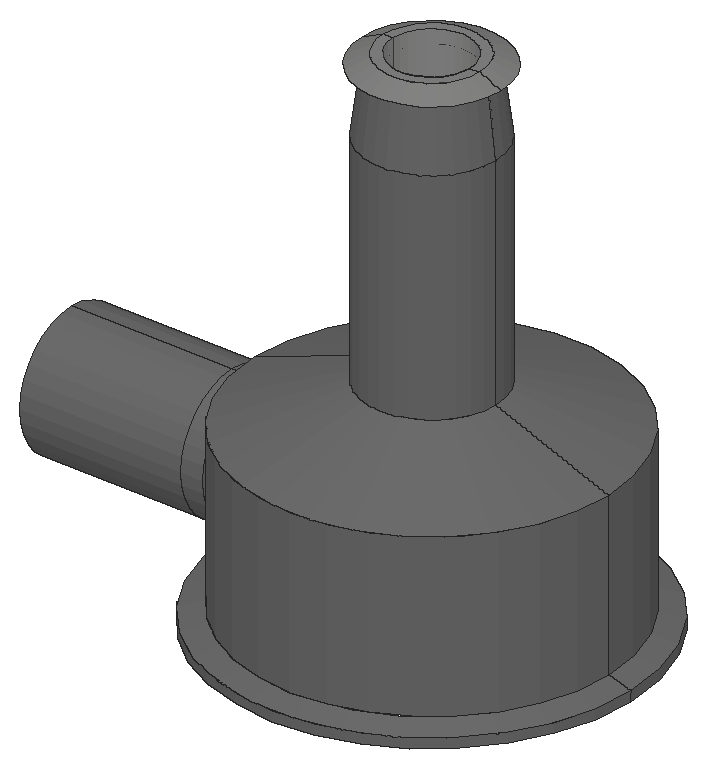
Revit family "Platek_Pico", category Apparecchi per illuminazione, host Superficie, Revit 2017 (continued)
Types (3, lengths in mm): name | Wattage | PLATEK Article Code | built-in parameter 1150142 | Luminaire Luminous Intensity | Luminaire Luminous Flux | built-in parameter 1150105 | built-in parameter 1150106 | Lumens | File diagramma fotometrico | Codice assieme | Beam Angle
    0.00 0.01 0.03 \r\n0.00 \r\n662.15 634.60 603.25 563.35 519.65 476.90 432.25 387.60 \r\n339.15 296.40 256.50 222.30 189.05 158.65 132.05 112.10 \r\n94.34 79.80 66.12 55.10 45.98 38.38 32.49 27.64 24.04 \r\n20.52 17.48 14.82 12.92 11.02 9.12 6.89 4.89 3.14 2.02 \r\n1.37 1.05 0.89 0.77 0.84 0.97 1.06 1.04 1.05 1.15 1.30 \r\n1.33 1.34 1.30 1.32 1.31 1.26 1.23 1.14 1.15 1.09 1.09 \r\n1.04 1.00 0.88 0.73 0.61 0.52 0.49 0.46 0.42 0.37 0.30 \r\n0.26 0.23 0.24 0.21 0.18 0.14 0.12 0.11 0.09 0.10 0.08 \r\n0.08 0.06 0.05 0.02 0.01 0.01 0.00 0.00 0.00 0.00 0.00 \r\n0.00 \r\n662.15 629.85 598.50 560.50 516.80 470.25 426.55 383.80 \r\n338.20 295.45 255.55 221.35 189.05 158.65 133.00 112.10 \r\n94.81 79.99 66.59 55.86 46.84 39.14 33.06 28.12 24.41 \r\n20.62 17.48 14.54 12.45 10.45 8.88 6.86 4.94 3.09 1.95 \r\n1.34 1.09 0.94 0.79 0.83 0.89 1.02 1.01 1.08 1.15 1.26 \r\n1.26 1.26 1.24 1.26 1.24 1.21 1.18 1.14 1.11 1.04 1.02 \r\n0.96 0.90 0.80 0.70 0.60 0.54 0.49 0.46 0.40 0.33 0.25 \r\n0.21 0.20 0.20 0.18 0.16 0.14 0.12 0.10 0.07 0.06 0.05 \r\n0.05 0.04 0.04 0.02 0.01 0.00 0.00 0.00 0.00 0.00 0.00 \r\n0.00 \r\n662.15 627.95 597.55 561.45 518.70 469.30 423.70 381.90 \r\n337.25 295.45 254.60 219.45 187.15 158.65 133.95 114.00 \r\n95.95 80.94 67.55 56.81 47.50 39.90 33.54 28.79 24.89 \r\n21.18 17.77 14.54 12.35 10.36 8.89 6.95 5.04 3.12 1.97 \r\n1.37 1.17 0.99 0.82 0.80 0.81 0.90 0.93 1.07 1.16 1.26 \r\n1.24 1.27 1.29 1.34 1.31 1.25 1.21 1.14 1.06 0.97 0.92 \r\n0.89 0.82 0.73 0.64 0.57 0.51 0.46 0.44 0.39 0.32 0.23 \r\n0.18 0.17 0.16 0.14 0.13 0.13 0.13 0.10 0.07 0.05 0.04 \r\n0.04 0.04 0.03 0.02 0.01 0.01 0.00 0.00 0.00 0.00 0.00 \r\n0.00 \r\n662.15 624.15 596.60 566.20 527.25 475.95 426.55 381.90 \r\n338.20 295.45 253.65 216.60 186.20 158.65 135.85 114.00 \r\n95.95 81.13 68.11 57.09 47.59 40.09 34.01 29.36 25.37 \r\n21.66 18.24 15.01 12.54 10.45 8.91 7.09 5.13 3.24 2.05 \r\n1.46 1.24 1.04 0.87 0.83 0.82 0.90 0.94 1.04 1.11 1.18 \r\n1.18 1.21 1.24 1.26 1.24 1.21 1.19 1.14 1.06 0.96 0.88 \r\n0.85 0.74 0.66 0.57 0.53 0.47 0.42 0.40 0.37 0.33 0.26 \r\n0.20 0.18 0.15 0.13 0.11 0.13 0.13 0.11 0.08 0.04 0.03 \r\n0.03 0.03 0.02 0.02 0.02 0.02 0.01 0.00 0.00 0.00 0.00 \r\n0.00 \r\n662.15 623.20 593.75 565.25 529.15 480.70 431.30 382.85 \r\n338.20 293.55 251.75 215.65 185.25 158.65 136.80 114.95 \r\n96.90 81.22 68.50 57.29 47.59 39.90 33.73 29.26 25.27 \r\n21.75 18.34 15.39 12.82 10.73 8.92 7.18 5.21 3.45 2.24 \r\n1.63 1.32 1.06 0.85 0.79 0.80 0.86 0.88 0.95 1.02 1.09 \r\n1.12 1.13 1.17 1.22 1.24 1.21 1.17 1.11 1.04 0.94 0.84 \r\n0.78 0.67 0.61 0.53 0.48 0.42 0.37 0.36 0.35 0.34 0.30 \r\n0.24 0.20 0.14 0.12 0.10 0.11 0.11 0.09 0.07 0.04 0.03 \r\n0.02 0.02 0.02 0.03 0.03 0.03 0.01 0.00 0.00 0.00 0.00 \r\n0.00 \r\n662.15 618.45 585.20 557.65 524.40 479.75 432.25 382.85 \r\n335.35 288.80 248.90 213.75 186.20 159.60 137.75 115.90 \r\n97.85 81.51 68.88 57.66 47.79 39.52 33.06 28.50 24.61 \r\n21.47 18.34 15.77 13.11 10.93 8.88 7.17 5.22 3.57 2.37 \r\n1.73 1.30 0.99 0.76 0.72 0.76 0.83 0.84 0.88 0.94 1.03 \r\n1.06 1.04 1.04 1.05 1.13 1.14 1.12 1.05 0.98 0.90 0.78 \r\n0.70 0.61 0.59 0.54 0.49 0.41 0.35 0.33 0.33 0.33 0.32 \r\n0.26 0.20 0.13 0.11 0.09 0.09 0.08 0.06 0.04 0.03 0.02 \r\n0.02 0.01 0.01 0.02 0.02 0.02 0.01 0.00 0.00 0.00 0.00 \r\n0.00 \r\n662.15 620.35 584.25 551.95 515.85 474.05 428.45 378.10 \r\n330.60 283.10 245.10 211.85 184.30 159.60 137.75 116.85 \r\n98.80 81.98 68.88 57.66 47.59 38.57 31.64 26.98 23.37 \r\n20.71 17.96 15.68 13.11 10.93 8.75 6.96 5.15 3.63 2.48 \r\n1.76 1.24 0.88 0.64 0.62 0.66 0.74 0.76 0.81 0.88 0.98 \r\n1.02 1.00 1.01 1.04 1.14 1.14 1.09 1.01 0.92 0.83 0.69 \r\n0.59 0.57 0.60 0.59 0.52 0.43 0.35 0.32 0.31 0.31 0.29 \r\n0.22 0.15 0.10 0.08 0.08 0.08 0.07 0.04 0.03 0.02 0.01 \r\n0.01 0.01 0.00 0.01 0.01 0.01 0.00 0.00 0.00 0.00 0.00 \r\n0.00 \r\n662.15 622.25 585.20 550.05 513.00 471.20 426.55 376.20 \r\n326.80 280.25 243.20 210.90 183.35 158.65 136.80 116.85 \r\n97.85 81.70 68.50 57.19 47.12 38.09 31.07 26.03 22.71 \r\n20.14 17.77 15.39 13.11 10.93 8.72 6.74 5.02 3.53 2.46 \r\n1.70 1.20 0.85 0.63 0.60 0.64 0.70 0.74 0.81 0.88 0.97 \r\n1.01 1.03 1.03 1.04 1.08 1.07 1.02 0.96 0.89 0.81 0.66 \r\n0.56 0.55 0.60 0.61 0.53 0.44 0.35 0.31 0.30 0.28 0.26 \r\n0.19 0.12 0.08 0.07 0.08 0.08 0.06 0.04 0.02 0.01 0.00 \r\n0.00 0.00 0.00 0.00 0.00 0.00 0.00 0.00 0.00 0.00 0.00 \r\n0.00 \r\n662.15 627.95 591.85 552.90 512.05 469.30 423.70 372.40 \r\n324.90 279.30 242.25 209.00 180.50 156.75 134.90 114.95 \r\n96.90 80.66 67.73 56.52 46.74 37.91 30.88 25.65 22.14 \r\n19.57 17.29 15.01 12.82 10.64 8.55 6.50 4.87 3.52 2.52 \r\n1.76 1.25 0.92 0.70 0.64 0.66 0.69 0.73 0.80 0.86 0.93 \r\n0.96 1.03 1.08 1.15 1.14 1.08 0.99 0.95 0.94 0.88 0.73 \r\n0.58 0.52 0.55 0.55 0.51 0.43 0.35 0.29 0.27 0.24 0.21 \r\n0.15 0.10 0.07 0.06 0.07 0.07 0.06 0.04 0.02 0.01 0.00 \r\n0.00 0.00 0.00 0.00 0.00 0.00 0.00 0.00 0.00 0.00 0.00 \r\n0.00 \r\n662.15 631.75 594.70 552.90 512.05 468.35 421.80 369.55 \r\n323.00 279.30 242.25 208.05 179.55 154.85 133.00 114.00 \r\n95.95 80.66 68.31 57.19 47.22 38.48 31.45 26.03 22.42 \r\n19.76 17.57 15.20 12.92 10.64 8.51 6.40 4.74 3.44 2.53 \r\n1.82 1.34 1.02 0.80 0.72 0.71 0.73 0.79 0.86 0.94 1.00 \r\n1.04 1.14 1.21 1.27 1.24 1.12 0.98 0.93 0.97 0.94 0.80 \r\n0.63 0.53 0.52 0.50 0.47 0.38 0.32 0.25 0.23 0.20 0.18 \r\n0.14 0.10 0.07 0.06 0.05 0.05 0.04 0.04 0.02 0.01 0.00 \r\n0.00 0.00 0.00 0.00 0.00 0.00 0.00 0.00 0.00 0.00 0.00 \r\n0.00 \r\n662.15 632.70 597.55 554.80 512.05 465.50 417.05 366.70 \r\n320.15 278.35 242.25 209.00 179.55 155.80 133.95 113.05 \r\n95.95 80.94 69.06 58.14 47.88 38.95 31.73 26.22 22.52 \r\n19.95 17.86 15.48 13.02 10.54 8.26 6.21 4.54 3.37 2.56 \r\n1.92 1.39 1.04 0.80 0.72 0.71 0.76 0.85 0.90 0.99 1.03 \r\n1.11 1.22 1.32 1.41 1.36 1.22 1.03 0.95 0.96 0.94 0.81 \r\n0.66 0.56 0.53 0.51 0.46 0.38 0.33 0.27 0.24 0.20 0.16 \r\n0.13 0.11 0.08 0.07 0.04 0.04 0.03 0.04 0.02 0.01 0.01 \r\n0.01 0.01 0.00 0.00 0.00 0.00 0.00 0.00 0.00 0.00 0.00 \r\n0.00 \r\n662.15 629.85 597.55 557.65 515.85 464.55 415.15 366.70 \r\n321.10 280.25 244.15 211.85 182.40 156.75 133.95 113.05 \r\n95.95 81.32 69.35 58.33 47.88 38.95 31.92 26.79 23.27 \r\n20.62 18.43 16.05 13.39 10.73 8.23 6.17 4.45 3.30 2.47 \r\n1.86 1.34 1.02 0.81 0.75 0.74 0.77 0.90 0.95 1.06 1.09 \r\n1.24 1.37 1.45 1.49 1.38 1.24 1.04 0.95 0.89 0.85 0.76 \r\n0.67 0.63 0.62 0.55 0.47 0.38 0.35 0.31 0.28 0.22 0.17 \r\n0.15 0.14 0.12 0.10 0.07 0.06 0.05 0.04 0.03 0.02 0.01 \r\n0.01 0.01 0.01 0.01 0.01 0.01 0.01 0.00 0.00 0.00 0.00 \r\n0.00 \r\n662.15 622.25 592.80 559.55 520.60 468.35 416.10 368.60 \r\n323.00 284.05 246.05 214.70 185.25 158.65 134.90 113.05 \r\n95.00 80.75 68.59 57.38 47.02 38.29 31.73 26.98 23.37 \r\n20.62 18.34 16.25 13.59 10.83 8.13 6.10 4.44 3.29 2.38 \r\n1.77 1.26 0.99 0.83 0.78 0.76 0.77 0.91 0.95 1.07 1.08 \r\n1.24 1.38 1.46 1.48 1.33 1.24 1.06 0.97 0.86 0.79 0.73 \r\n0.70 0.68 0.68 0.63 0.56 0.47 0.44 0.41 0.35 0.28 0.22 \r\n0.20 0.19 0.17 0.14 0.10 0.08 0.07 0.06 0.04 0.03 0.02 \r\n0.01 0.01 0.01 0.02 0.02 0.02 0.01 0.01 0.00 0.00 0.00 \r\n0.00 \r\n662.15 624.15 595.65 563.35 523.45 470.25 418.00 371.45 \r\n326.80 286.90 248.90 216.60 187.15 160.55 134.90 113.05 \r\n95.00 80.18 67.83 56.34 46.08 37.62 31.35 26.89 23.27 \r\n20.52 18.24 16.34 13.87 11.21 8.42 6.41 4.68 3.41 2.35 \r\n1.71 1.26 1.04 0.92 0.82 0.77 0.72 0.84 0.92 1.08 1.12 \r\n1.23 1.36 1.43 1.43 1.28 1.21 1.09 1.00 0.88 0.80 0.76 \r\n0.74 0.70 0.68 0.65 0.61 0.55 0.51 0.46 0.40 0.32 0.28 \r\n0.25 0.25 0.21 0.18 0.13 0.11 0.09 0.08 0.06 0.04 0.02 \r\n0.01 0.02 0.02 0.03 0.03 0.03 0.02 0.01 0.01 0.00 0.00 \r\n0.00 \r\n662.15 623.20 595.65 565.25 527.25 475.95 421.80 373.35 \r\n326.80 286.90 248.90 216.60 187.15 160.55 135.85 114.95 \r\n96.90 81.89 68.78 56.62 46.08 37.52 31.07 26.50 22.71 \r\n19.95 17.77 16.05 13.68 11.12 8.45 6.50 4.75 3.41 2.30 \r\n1.69 1.29 1.06 0.90 0.78 0.75 0.73 0.85 0.98 1.14 1.20 \r\n1.24 1.29 1.33 1.33 1.25 1.22 1.17 1.06 0.95 0.86 0.82 \r\n0.78 0.72 0.68 0.68 0.69 0.66 0.60 0.52 0.45 0.37 0.32 \r\n0.27 0.26 0.23 0.20 0.15 0.12 0.10 0.09 0.07 0.05 0.04 \r\n0.03 0.04 0.04 0.04 0.03 0.03 0.03 0.03 0.02 0.01 0.00 \r\n0.00 \r\n662.15 625.10 597.55 568.10 529.15 476.90 422.75 373.35 \r\n327.75 286.90 248.90 217.55 188.10 161.50 136.80 115.90 \r\n98.80 84.17 70.49 57.86 46.55 37.72 31.07 26.41 22.61 \r\n19.95 17.77 15.96 13.68 11.21 8.72 6.81 4.95 3.51 2.35 \r\n1.75 1.37 1.10 0.90 0.76 0.73 0.76 0.87 1.05 1.21 1.29 \r\n1.28 1.30 1.30 1.30 1.25 1.22 1.19 1.12 1.05 0.97 0.90 \r\n0.81 0.71 0.65 0.67 0.69 0.68 0.62 0.54 0.46 0.37 0.31 \r\n0.26 0.24 0.22 0.20 0.16 0.14 0.13 0.11 0.09 0.06 0.06 \r\n0.05 0.06 0.05 0.05 0.03 0.03 0.03 0.04 0.02 0.01 0.00 \r\n0.00 \r\n662.15 625.10 598.50 572.85 533.90 480.70 423.70 373.35 \r\n327.75 287.85 250.80 219.45 189.05 162.45 136.80 117.80 \r\n101.65 86.73 72.48 59.19 47.31 38.09 31.45 26.60 22.80 \r\n20.05 17.96 16.15 13.87 11.40 8.96 6.94 5.07 3.58 2.45 \r\n1.80 1.41 1.15 0.95 0.82 0.77 0.82 0.92 1.14 1.26 1.37 \r\n1.34 1.35 1.32 1.28 1.23 1.18 1.18 1.16 1.14 1.07 0.97 \r\n0.82 0.70 0.65 0.68 0.71 0.71 0.63 0.55 0.46 0.35 0.27 \r\n0.21 0.21 0.21 0.20 0.18 0.16 0.14 0.12 0.11 0.08 0.07 \r\n0.07 0.07 0.06 0.04 0.02 0.03 0.03 0.05 0.03 0.02 0.00 \r\n0.00 \r\n662.15 629.85 603.25 576.65 532.95 478.80 422.75 374.30 \r\n328.70 287.85 250.80 220.40 190.00 162.45 137.75 117.80 \r\n101.65 86.83 72.77 59.47 47.69 38.19 31.35 26.41 22.71 \r\n20.05 18.24 16.53 14.35 11.97 9.48 7.31 5.36 3.78 2.64 \r\n1.88 1.46 1.24 1.11 1.01 0.91 0.90 0.92 1.09 1.18 1.29 \r\n1.29 1.34 1.36 1.33 1.24 1.15 1.14 1.17 1.18 1.12 0.98 \r\n0.81 0.68 0.62 0.66 0.68 0.68 0.58 0.49 0.40 0.31 0.24 \r\n0.19 0.20 0.21 0.21 0.20 0.17 0.14 0.12 0.11 0.08 0.06 \r\n0.05 0.06 0.05 0.04 0.02 0.02 0.02 0.04 0.03 0.02 0.01 \r\n0.00 \r\n662.15 637.45 610.85 580.45 532.95 479.75 424.65 379.05 \r\n333.45 290.70 253.65 221.35 190.95 161.50 137.75 117.80 \r\n101.65 86.26 72.01 58.71 47.50 38.38 31.45 26.22 22.32 \r\n19.66 18.05 16.43 14.35 11.88 9.44 7.19 5.32 3.72 2.64 \r\n1.87 1.46 1.28 1.22 1.14 1.02 0.94 0.92 1.02 1.10 1.22 \r\n1.25 1.33 1.37 1.31 1.22 1.13 1.15 1.17 1.16 1.08 0.96 \r\n0.81 0.71 0.65 0.67 0.68 0.66 0.55 0.46 0.39 0.33 0.28 \r\n0.24 0.24 0.24 0.23 0.21 0.16 0.13 0.10 0.09 0.06 0.05 \r\n0.04 0.05 0.05 0.05 0.04 0.03 0.03 0.03 0.03 0.02 0.01 \r\n0.00 \r\n662.15 639.35 612.75 579.50 532.00 481.65 430.35 384.75 \r\n339.15 295.45 255.55 221.35 190.95 162.45 138.70 117.80 \r\n100.70 84.55 70.20 57.09 46.55 38.09 31.25 26.13 22.04 \r\n19.29 17.57 15.87 13.96 11.40 9.10 6.88 5.07 3.52 2.51 \r\n1.81 1.43 1.23 1.18 1.16 1.11 1.04 0.99 0.98 1.01 1.07 \r\n1.16 1.26 1.33 1.30 1.21 1.14 1.15 1.17 1.13 1.06 0.97 \r\n0.88 0.77 0.69 0.66 0.64 0.61 0.52 0.45 0.40 0.37 0.35 \r\n0.33 0.31 0.29 0.27 0.22 0.16 0.12 0.09 0.09 0.06 0.04 \r\n0.03 0.04 0.04 0.05 0.05 0.04 0.03 0.03 0.03 0.02 0.01 \r\n0.00 \r\n662.15 641.25 613.70 576.65 532.95 485.45 437.95 391.40 \r\n344.85 301.15 260.30 224.20 191.90 163.40 139.65 118.75 \r\n100.70 83.60 68.78 55.58 45.31 37.52 31.16 26.22 22.04 \r\n19.00 17.10 15.11 13.21 10.64 8.42 6.27 4.68 3.22 2.30 \r\n1.69 1.35 1.12 1.02 1.01 1.05 1.04 1.05 1.00 0.99 1.01 \r\n1.09 1.21 1.29 1.29 1.24 1.22 1.22 1.19 1.13 1.08 1.04 \r\n1.00 0.90 0.80 0.71 0.64 0.60 0.53 0.50 0.45 0.44 0.42 \r\n0.40 0.37 0.33 0.28 0.23 0.17 0.13 0.11 0.09 0.06 0.04 \r\n0.03 0.03 0.04 0.04 0.04 0.04 0.04 0.04 0.04 0.02 0.01 \r\n0.00 \r\n662.15 641.25 612.75 573.80 533.90 489.25 443.65 396.15 \r\n349.60 304.95 261.25 224.20 192.85 164.35 140.60 118.75 \r\n99.75 82.08 67.45 55.01 44.55 36.77 30.50 25.84 21.85 \r\n18.62 16.43 14.35 12.73 10.36 8.17 5.99 4.40 3.03 2.18 \r\n1.64 1.32 1.04 0.89 0.87 1.00 1.07 1.13 1.06 1.01 0.96 \r\n1.03 1.14 1.25 1.30 1.27 1.26 1.24 1.23 1.16 1.14 1.11 \r\n1.09 0.99 0.87 0.75 0.65 0.60 0.55 0.54 0.48 0.44 0.41 \r\n0.40 0.38 0.34 0.29 0.23 0.19 0.16 0.14 0.11 0.08 0.06 \r\n0.04 0.03 0.02 0.02 0.03 0.02 0.03 0.03 0.04 0.02 0.01 \r\n0.00 \r\n662.15 638.40 609.90 573.80 538.65 494.00 447.45 398.05 \r\n351.50 306.85 263.15 225.15 192.85 165.30 140.60 117.80 \r\n97.85 81.03 66.59 54.53 43.89 36.01 29.45 24.98 21.18 \r\n18.14 15.87 13.87 12.35 10.26 8.16 5.93 4.29 2.97 2.11 \r\n1.59 1.25 0.98 0.79 0.73 0.86 0.99 1.10 1.07 1.04 0.98 \r\n1.03 1.11 1.21 1.24 1.25 1.31 1.32 1.30 1.18 1.13 1.07 \r\n1.06 0.97 0.88 0.78 0.68 0.62 0.56 0.54 0.47 0.42 0.37 \r\n0.34 0.32 0.29 0.27 0.21 0.19 0.16 0.14 0.11 0.08 0.06 \r\n0.04 0.03 0.02 0.01 0.01 0.01 0.02 0.03 0.03 0.02 0.01 \r\n0.00 \r\n662.15 630.80 606.10 576.65 548.15 500.65 451.25 399.00 \r\n353.40 309.70 265.05 226.10 192.85 165.30 140.60 116.85 \r\n95.95 79.14 64.98 53.58 43.13 35.34 28.50 24.04 20.14 \r\n17.39 15.20 13.49 12.16 10.45 8.45 6.24 4.42 3.02 2.07 \r\n1.53 1.19 0.95 0.77 0.72 0.83 0.95 1.06 1.04 1.04 0.99 \r\n1.05 1.12 1.18 1.17 1.16 1.24 1.29 1.29 1.16 1.08 0.98 \r\n0.95 0.85 0.77 0.70 0.64 0.61 0.54 0.50 0.42 0.35 0.29 \r\n0.25 0.24 0.21 0.20 0.17 0.15 0.13 0.12 0.09 0.07 0.05 \r\n0.04 0.03 0.01 0.00 0.00 0.00 0.01 0.01 0.02 0.01 0.00 \r\n0.00 \r\n662.15 626.05 605.15 584.25 560.50 510.15 455.05 399.00 \r\n354.35 310.65 268.85 228.95 193.80 166.25 139.65 115.90 \r\n94.91 77.23 63.08 51.59 41.52 34.01 27.46 23.09 19.48 \r\n17.00 15.01 13.39 11.97 10.36 8.46 6.48 4.68 3.26 2.22 \r\n1.57 1.14 0.90 0.76 0.74 0.82 0.89 0.96 0.91 0.95 0.94 \r\n1.06 1.14 1.18 1.13 1.13 1.22 1.27 1.26 1.12 1.03 0.88 \r\n0.81 0.68 0.61 0.57 0.56 0.54 0.47 0.41 0.32 0.25 0.20 \r\n0.18 0.17 0.15 0.15 0.13 0.11 0.09 0.08 0.06 0.04 0.03 \r\n0.03 0.02 0.02 0.01 0.00 0.00 0.00 0.00 0.00 0.00 0.00 \r\n0.00 \r\n662.15 627.00 610.85 595.65 571.90 519.65 461.70 403.75 \r\n359.10 314.45 273.60 231.80 197.60 167.20 140.60 115.90 \r\n93.86 75.53 61.27 49.59 39.99 32.59 26.60 22.42 19.09 \r\n16.82 15.01 13.49 11.88 10.17 8.37 6.61 4.87 3.49 2.38 \r\n1.65 1.17 0.92 0.82 0.79 0.85 0.86 0.89 0.81 0.84 0.87 \r\n1.04 1.16 1.24 1.22 1.21 1.23 1.24 1.22 1.11 1.02 0.85 \r\n0.72 0.57 0.49 0.45 0.46 0.45 0.40 0.33 0.25 0.19 0.15 \r\n0.13 0.13 0.11 0.10 0.09 0.08 0.06 0.05 0.04 0.03 0.03 \r\n0.03 0.03 0.02 0.01 0.00 0.00 0.00 0.00 0.00 0.00 0.00 \r\n0.00 \r\n662.15 630.80 614.65 598.50 571.90 520.60 465.50 407.55 \r\n361.00 316.35 275.50 234.65 200.45 168.15 141.55 115.90 \r\n94.05 74.86 60.23 48.26 38.86 31.54 26.03 22.23 19.38 \r\n17.20 15.29 13.49 11.69 9.88 8.07 6.41 4.83 3.55 2.56 \r\n1.80 1.26 0.97 0.87 0.81 0.83 0.80 0.83 0.78 0.84 0.91 \r\n1.08 1.22 1.32 1.35 1.35 1.30 1.24 1.19 1.13 1.02 0.83 \r\n0.67 0.53 0.46 0.42 0.41 0.40 0.35 0.29 0.23 0.17 0.14 \r\n0.12 0.13 0.11 0.10 0.08 0.06 0.04 0.03 0.03 0.03 0.04 \r\n0.04 0.04 0.02 0.01 0.00 0.00 0.00 0.00 0.00 0.00 0.00 \r\n0.00 \r\n662.15 630.80 612.75 595.65 566.20 517.75 464.55 409.45 \r\n362.90 317.30 277.40 236.55 202.35 170.05 142.50 116.85 \r\n94.53 74.86 59.76 47.59 38.38 31.16 26.03 22.42 19.66 \r\n17.39 15.29 13.39 11.40 9.69 7.88 6.22 4.68 3.48 2.49 \r\n1.72 1.25 1.02 0.94 0.82 0.79 0.74 0.80 0.82 0.91 0.99 \r\n1.11 1.24 1.36 1.42 1.41 1.29 1.20 1.11 1.06 0.95 0.79 \r\n0.66 0.58 0.51 0.46 0.42 0.40 0.38 0.33 0.29 0.21 0.17 \r\n0.13 0.12 0.11 0.10 0.09 0.07 0.05 0.03 0.03 0.05 0.06 \r\n0.06 0.05 0.03 0.01 0.01 0.00 0.00 0.00 0.00 0.00 0.00 \r\n0.00 \r\n662.15 630.80 607.05 586.15 554.80 510.15 458.85 406.60 \r\n360.05 317.30 277.40 237.50 202.35 170.05 142.50 116.85 \r\n95.00 75.14 59.56 47.41 38.38 31.54 26.41 22.80 19.86 \r\n17.48 15.20 13.21 11.21 9.43 7.64 5.99 4.59 3.41 2.45 \r\n1.65 1.23 1.01 0.93 0.83 0.77 0.74 0.78 0.87 0.96 1.07 \r\n1.16 1.28 1.37 1.43 1.39 1.26 1.11 1.00 0.92 0.83 0.75 \r\n0.70 0.66 0.63 0.56 0.51 0.47 0.45 0.41 0.35 0.26 0.20 \r\n0.15 0.14 0.13 0.12 0.10 0.09 0.07 0.05 0.04 0.05 0.06 \r\n0.06 0.05 0.03 0.02 0.02 0.01 0.01 0.00 0.00 0.01 0.01 \r\n0.00 \r\n662.15 636.50 611.80 589.00 552.90 510.15 457.90 409.45 \r\n361.00 319.20 277.40 238.45 200.45 169.10 140.60 115.90 \r\n93.95 74.58 59.09 47.12 38.19 31.54 26.60 22.89 19.66 \r\n17.20 14.82 12.92 10.93 9.15 7.50 6.03 4.73 3.49 2.42 \r\n1.55 1.12 0.93 0.86 0.79 0.74 0.75 0.76 0.86 0.94 1.05 \r\n1.12 1.24 1.31 1.36 1.29 1.20 1.06 0.93 0.81 0.75 0.74 \r\n0.77 0.76 0.75 0.68 0.65 0.57 0.54 0.47 0.41 0.31 0.23 \r\n0.18 0.15 0.14 0.13 0.11 0.10 0.09 0.08 0.07 0.07 0.05 \r\n0.05 0.03 0.03 0.03 0.04 0.03 0.02 0.01 0.01 0.01 0.01 \r\n0.00 \r\n662.15 647.90 624.15 595.65 555.75 515.85 464.55 416.10 \r\n366.70 323.00 278.35 237.50 199.50 168.15 139.65 114.95 \r\n92.15 72.96 57.95 46.65 37.81 31.16 26.13 22.23 19.09 \r\n16.53 14.35 12.45 10.54 8.81 7.31 5.99 4.79 3.51 2.46 \r\n1.56 1.14 0.89 0.81 0.79 0.79 0.84 0.83 0.89 0.93 1.02 \r\n1.08 1.21 1.26 1.29 1.24 1.20 1.09 0.96 0.83 0.78 0.79 \r\n0.8
